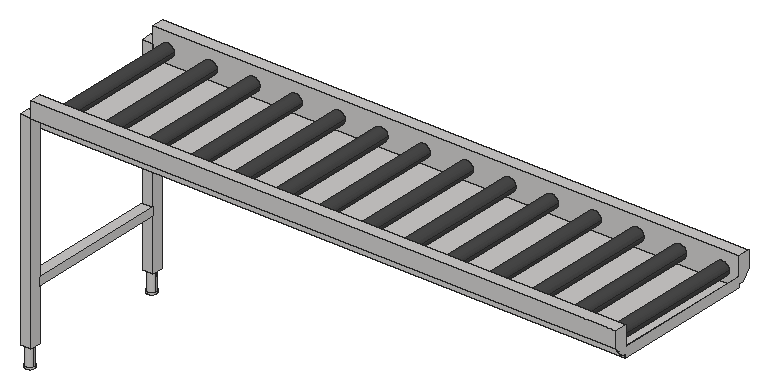
Revit family "QF_ELECTROLUXPROFESSIONAL_863034_HSLRC22", category Specialty Equipment, Revit 2018
Family settings
  Round Connector Dimension = Use Diameter
  Part Type = Normal
  Work Plane-Based = No
  Always vertical = Yes
  Cut with Voids When Loaded = No
  Shared = No
  Room Calculation Point = No
Parameters
  Weight = 0.00 kg
  Watts = 0 W
  Volts = 0 V
  URL Manufacturer = "http://professional.electrolux.com/"
  URL = "http://professional.electrolux.com/"
  Steam Supply Size = 0 mm
  Steam Supply Minimum Pressure = 0.0 Pa
  Steam Supply Maximum Pressure = 0.0 Pa
  Steam Pounds per Hour = 0
  Refrigeration Suction Line Size = 0 mm
  Refrigeration Liquid Line Size = 0 mm
  Refrigerant Compressor Remote = yes
  Manufacturer = "Electrolux"
  Phase = 0
  Model = "HSLRC22"
  Length Actual = 2200 mm  # constant formula
  Item Number = "863034"
  Hot Water Size = 0 mm
  Height Actual = 910 mm  # constant formula
  HP = "0 HP"
  Gas Size = 0 mm
  Gas KW = 0
  Gas Input Pressure = 0 W
  Description = "CONVEYOR, LONG ROLLERS, L=2200 MM"
  Depth Actual = 620 mm  # constant formula
  Cycle = 0 Hz
  Condensate Return Size = 0 mm
  Compressed Air Volume = 0.0 L/s
  Compressed Air Size = 0 mm
  Compressed Air Pressure = 0.0 Pa
  Cold Water Size = 0 mm
  Accessory = yes
Reference planes
  plane 1 "Centro (Fronte/Retro)": y = 74.737
  plane 2: z = 0
  plane 3 "LEFT": x = -1038.761
  plane 4 "BACK": y = 384.737
  plane 5 "FRONT": y = -235.263
  plane 6: z = 910
  plane 7 "RIGHT": x = 1161.239
  plane 8: x = 91.239
Forms (mm)
  Extrusion 1, solid, material "QF_Finishes_Stainless Steel"
    sketch origin (0, 74.737, 0) x (1, 0, 0) y (0, 0, 1)
      loop
        line (-1079.929, 300) -> (-1079.929, 270) -> (-1039.929, 270) -> (-1039.929, 300) -> (-1079.929, 300)
    from -266.504 to 266.46
  Extrusion 2, solid, material "QF_Finishes_Stainless Steel"
    sketch origin (11.239, 0, 0) x (0, 1, 0) y (0, 0, 1)
      loop
        line (-235.263, 910) -> (-235.263, 850.033) -> (-190.242, 850.033) -> (-190.242, 910) -> (-235.263, 910)
      loop
        line (384.737, 910) -> (339.716, 910) -> (339.716, 850.033) -> (384.737, 850.033) -> (384.737, 910)
    from -1050 to 1148.8
  Extrusion 3, solid, material "QF_Finishes_Stainless Steel"
    sketch origin (11.239, 0, 0) x (0, 1, 0) y (0, 0, 1)
      loop
        line (-191.727, 850.033) -> (-191.727, 800.081) -> (341.245, 800.081) -> (341.245, 850.033) -> (339.716, 850.033) -> (339.716, 803.081) -> (-190.242, 803.081) -> (-190.242, 850.033) -> (-191.727, 850.033)
    from -1050 to 1148.8
  Extrusion 4, solid, material "QF_Finishes_Black"
    sketch origin (0, 74.737, 0) x (1, 0, 0) y (0, 0, -1)
      loop
        circle (-980.637, -850.115) r 25
      loop
        circle (-820.349, -850.115) r 25
      loop
        circle (-660.06, -850.115) r 25
      loop
        circle (1103.115, -850.115) r 25
      loop
        circle (461.961, -850.115) r 25
      loop
        circle (622.249, -850.115) r 25
      loop
        circle (782.538, -850.115) r 25
      loop
        circle (942.827, -850.115) r 25
      loop
        circle (-499.771, -850.115) r 25
      loop
        circle (301.672, -850.115) r 25
      loop
        circle (141.383, -850.115) r 25
      loop
        circle (-18.905, -850.115) r 25
      loop
        circle (-339.483, -850.115) r 25
      loop
        circle (-179.194, -850.115) r 25
    from -260.534 to 260.534
  Extrusion 5, solid, material "QF_Finishes_Stainless Steel"
    sketch origin (2661.239, 723.253, 4000) x (0, 1, 0) y (0, 0, 1)
      loop
        line (-958.516, -3090) -> (-958.516, -3149.967) -> (-934.752, -3185.632) -> (-915.4, -3185.632) -> (-915.4, -3199.919) -> (-381.633, -3199.919) -> (-381.633, -3185.632) -> (-362.281, -3185.632) -> (-338.516, -3149.967) -> (-338.516, -3090) -> (-383.538, -3090) -> (-383.538, -3161.926) -> (-913.495, -3161.926) -> (-913.495, -3090) -> (-958.516, -3090)
    from -1500 to -1501.2
  Revolve 6, solid, material "QF_Finishes_Stainless Steel"
    sketch origin (61.185, 0, 0) x (0, 1, 0) y (0, 0, 1)
      loop
        line (74.737, 800.081) -> (12.53, 800.081) -> (12.319, 797.4) -> (12.319, 785.476) -> (17.293, 785.476) -> (17.293, 781.772)
        arc (17.293, 781.772) -> (20.266, 773.808) -> (27.77, 769.813) r 11.998
        line (27.77, 769.813) -> (74.737, 764.085) -> (74.737, 800.081)
      axis (74.737, 764.085) -> (74.737, 800.081)
    angle from 0 to 360
  Revolve 7, solid, material "QF_Finishes_Stainless Steel"
    sketch origin (91.185, -1524, 744.096) x (0, 0, 1) y (0, -1, 0)
      loop
        line (13.017, -1619.713) -> (30, -1619.713) -> (30, -1598.737) -> (0, -1598.737) -> (0, -1619.713) -> (2.434, -1622.253) -> (10.477, -1622.253) -> (13.017, -1619.713)
      axis (0, -1598.737) -> (30, -1598.737)
    angle from 0 to 360
Cuts and joins
  joined: Extrusion 2, Extrusion 3
Lines and regions (mm)
  Split face 1
    outline origin (1108.239, 339.716, 803.081) x (-1, 0, 0) y (0, -1, 0)
      loop
        circle (1047, 264.904) r 3.016
  Split face 2
    outline origin (1108.239, 339.716, 803.081) x (-1, 0, 0) y (0, -1, 0)
      loop
        circle (1047, 264.904) r 52.991
  Split face 3
    outline origin (1108.239, 339.716, 803.081) x (-1, 0, 0) y (0, -1, 0)
      loop
        circle (1047, 264.904) r 36.015
  Split face 4
    outline origin (1108.239, 339.716, 803.081) x (-1, 0, 0) y (0, -1, 0)
      loop
        circle (1047, 264.904) r 26.027
  Split face 5
    outline origin (1108.239, 339.716, 803.081) x (-1, 0, 0) y (0, -1, 0)
      loop
        circle (1047, 264.904) r 9.056
  Masking region 1
    outline origin (0, 0, 0) x (1, 0, 0) y (0, 1, 0)
      loop
        line (-1038.761, 384.737) -> (-1038.761, -235.263) -> (1161.239, -235.263) -> (1161.239, 384.737) -> (-1038.761, 384.737)
  symbolic lines
    curve 1: line (1161.239, 384.737, 0) -> (-1038.761, 384.737, 0)
    curve 2: line (-1038.761, 384.737, 0) -> (-1038.761, -235.263, 0)
    curve 3: line (-1038.761, 339.716, 0) -> (1161.239, 339.716, 0)
    curve 4: line (-1038.761, -235.263, 0) -> (1161.239, -235.263, 0)
    curve 5: line (1161.239, -235.263, 0) -> (1161.239, 384.737, 0)
    curve 6: line (1161.239, -190.242, 0) -> (-1038.761, -190.242, 0)
    curve 7: line (-955.637, 335.271, 0) -> (-1005.637, 335.271, 0)
    curve 8: line (-1005.637, 335.271, 0) -> (-1005.637, -185.797, 0)
    curve 9: line (-1005.637, -185.797, 0) -> (-955.637, -185.797, 0)
    curve 10: line (-955.637, -185.797, 0) -> (-955.637, 335.271, 0)
    curve 11: line (-795.349, 335.271, 0) -> (-845.349, 335.271, 0)
    curve 12: line (-845.349, 335.271, 0) -> (-845.349, -185.797, 0)
    curve 13: line (-845.349, -185.797, 0) -> (-795.349, -185.797, 0)
    curve 14: line (-795.349, -185.797, 0) -> (-795.349, 335.271, 0)
    curve 15: line (-635.06, 335.271, 0) -> (-685.06, 335.271, 0)
    curve 16: line (-685.06, 335.271, 0) -> (-685.06, -185.797, 0)
    curve 17: line (-685.06, -185.797, 0) -> (-635.06, -185.797, 0)
    curve 18: line (-635.06, -185.797, 0) -> (-635.06, 335.271, 0)
    curve 19: line (1128.115, 335.271, 0) -> (1078.115, 335.271, 0)
    curve 20: line (1078.115, 335.271, 0) -> (1078.115, -185.797, 0)
    curve 21: line (1078.115, -185.797, 0) -> (1128.115, -185.797, 0)
    curve 22: line (1128.115, -185.797, 0) -> (1128.115, 335.271, 0)
    curve 23: line (1161.239, 74.737, 0) -> (1131.239, 74.737, 0)
    curve 24: line (-1038.761, 74.737, 0) -> (-1008.761, 74.737, 0)
    curve 25: arc (60.596, 137.156, 0) -> (123.014, 74.737, 0) -> (60.596, 12.319, 0) r 62.418
    curve 26: arc (60.596, 12.319, 0) -> (-1.823, 74.737, 0) -> (60.596, 137.156, 0) r 62.418
    curve 27: arc (90.596, 95.713, 0) -> (69.62, 74.737, 0) -> (90.596, 53.761, 0) r 20.976
    curve 28: arc (90.596, 53.761, 0) -> (111.572, 74.737, 0) -> (90.596, 95.713, 0) r 20.976
    curve 29: line (-474.771, 335.271, 0) -> (-524.771, 335.271, 0)
    curve 30: line (-524.771, 335.271, 0) -> (-524.771, -185.797, 0)
    curve 31: line (-524.771, -185.797, 0) -> (-474.771, -185.797, 0)
    curve 32: line (-474.771, -185.797, 0) -> (-474.771, 335.271, 0)
    curve 33: line (-314.483, 335.271, 0) -> (-364.483, 335.271, 0)
    curve 34: line (-364.483, 335.271, 0) -> (-364.483, -185.797, 0)
    curve 35: line (-364.483, -185.797, 0) -> (-314.483, -185.797, 0)
    curve 36: line (-314.483, -185.797, 0) -> (-314.483, 335.271, 0)
    curve 37: line (-154.194, 335.271, 0) -> (-204.194, 335.271, 0)
    curve 38: line (-204.194, 335.271, 0) -> (-204.194, -185.797, 0)
    curve 39: line (-204.194, -185.797, 0) -> (-154.194, -185.797, 0)
    curve 40: line (-154.194, -185.797, 0) -> (-154.194, 335.271, 0)
    curve 41: line (6.095, 335.271, 0) -> (-43.905, 335.271, 0)
    curve 42: line (-43.905, 335.271, 0) -> (-43.905, -185.797, 0)
    curve 43: line (-43.905, -185.797, 0) -> (6.095, -185.797, 0)
    curve 44: line (6.095, -185.797, 0) -> (6.095, 335.271, 0)
    curve 45: line (166.383, 335.271, 0) -> (116.383, 335.271, 0)
    curve 46: line (116.383, 335.271, 0) -> (116.383, -185.797, 0)
    curve 47: line (116.383, -185.797, 0) -> (166.383, -185.797, 0)
    curve 48: line (166.383, -185.797, 0) -> (166.383, 335.271, 0)
    curve 49: line (326.672, 335.271, 0) -> (276.672, 335.271, 0)
    curve 50: line (276.672, 335.271, 0) -> (276.672, -185.797, 0)
    curve 51: line (276.672, -185.797, 0) -> (326.672, -185.797, 0)
    curve 52: line (326.672, -185.797, 0) -> (326.672, 335.271, 0)
    curve 53: line (486.961, 335.271, 0) -> (436.961, 335.271, 0)
    curve 54: line (436.961, 335.271, 0) -> (436.961, -185.797, 0)
    curve 55: line (436.961, -185.797, 0) -> (486.961, -185.797, 0)
    curve 56: line (486.961, -185.797, 0) -> (486.961, 335.271, 0)
    curve 57: line (647.249, 335.271, 0) -> (597.249, 335.271, 0)
    curve 58: line (597.249, 335.271, 0) -> (597.249, -185.797, 0)
    curve 59: line (597.249, -185.797, 0) -> (647.249, -185.797, 0)
    curve 60: line (647.249, -185.797, 0) -> (647.249, 335.271, 0)
    curve 61: line (807.538, 335.271, 0) -> (757.538, 335.271, 0)
    curve 62: line (757.538, 335.271, 0) -> (757.538, -185.797, 0)
    curve 63: line (757.538, -185.797, 0) -> (807.538, -185.797, 0)
    curve 64: line (807.538, -185.797, 0) -> (807.538, 335.271, 0)
    curve 65: line (967.827, 335.271, 0) -> (917.827, 335.271, 0)
    curve 66: line (917.827, 335.271, 0) -> (917.827, -185.797, 0)
    curve 67: line (917.827, -185.797, 0) -> (967.827, -185.797, 0)
    curve 68: line (967.827, -185.797, 0) -> (967.827, 335.271, 0)
Dimensions and locks
  plane 3 "LEFT" to plane 7 "RIGHT" = 2200 mm
  equal spacing: plane 4 "BACK", plane 1 "Centro (Fronte/Retro)", plane 5 "FRONT"
  plane 4 "BACK" to plane 5 "FRONT" = 620 mm
  locked: Extrusion 4 sketch curve to plane 3 "LEFT" at 58.124
  locked: plane 7 "RIGHT" to Extrusion 4 sketch curve at 58.124
  equal spacing: Extrusion 4 sketch curve, Extrusion 4 sketch curve, Extrusion 4 sketch curve, Extrusion 4 sketch curve, Extrusion 4 sketch curve, Extrusion 4 sketch curve, Extrusion 4 sketch curve, Extrusion 4 sketch curve, Extrusion 4 sketch curve, Extrusion 4 sketch curve, Extrusion 4 sketch curve, Extrusion 4 sketch curve, Extrusion 4 sketch curve, Extrusion 4 sketch curve
  aligned and locked: level to plane 2
Automatic sketch dimensions
  Extrusion 1 sketch curve to plane 3 "LEFT" = 41.168 mm
  Extrusion 1 sketch curve to plane 3 "LEFT" = 1.168 mm
  level to Extrusion 1 sketch curve = 270 mm
  Extrusion 1 sketch curve to Extrusion 1 sketch curve = 30 mm
  Extrusion 2 sketch curve to plane 5 "FRONT" = 0 mm
  Extrusion 2 sketch curve to plane 6 = 0 mm  (x2)
  Extrusion 2 sketch curve to plane 4 "BACK" = 0 mm
  plane 5 "FRONT" to Extrusion 2 sketch curve = 45.021 mm
  Extrusion 2 sketch curve to plane 4 "BACK" = 45.021 mm
  Extrusion 2 sketch curve to Extrusion 2 sketch curve = 59.967 mm  (x2)
  plane 5 "FRONT" to Extrusion 3 sketch curve = 43.536 mm
  Extrusion 3 sketch curve to Extrusion 3 sketch curve = 1.486 mm
  Extrusion 3 sketch curve to plane 4 "BACK" = 45.021 mm
  Extrusion 3 sketch curve to Extrusion 3 sketch curve = 1.529 mm
  Extrusion 3 sketch curve to plane 6 = 109.919 mm
  Extrusion 3 sketch curve to Extrusion 3 sketch curve = 3 mm
  Extrusion 3 sketch curve to Extrusion 3 sketch curve = 46.952 mm  (x2)
  Split face 1 sketch curve to cut or joined group of Extrusion 2, Extrusion 3 = 1098.8 mm
  cut or joined group of Extrusion 2, Extrusion 3 to Split face 1 sketch curve = 264.904 mm
  Split face 2 sketch curve to cut or joined group of Extrusion 2, Extrusion 3 = 1098.8 mm
  cut or joined group of Extrusion 2, Extrusion 3 to Split face 2 sketch curve = 264.904 mm
  Split face 3 sketch curve to cut or joined group of Extrusion 2, Extrusion 3 = 1098.8 mm
  cut or joined group of Extrusion 2, Extrusion 3 to Split face 3 sketch curve = 264.904 mm
  Split face 4 sketch curve to cut or joined group of Extrusion 2, Extrusion 3 = 1098.8 mm
  cut or joined group of Extrusion 2, Extrusion 3 to Split face 4 sketch curve = 264.904 mm
  Split face 5 sketch curve to cut or joined group of Extrusion 2, Extrusion 3 = 1098.8 mm
  cut or joined group of Extrusion 2, Extrusion 3 to Split face 5 sketch curve = 264.904 mm
  Masking region 1 sketch curve to plane 3 "LEFT" = 0 mm
  Masking region 1 sketch curve to plane 5 "FRONT" = 0 mm
  Masking region 1 sketch curve to plane 7 "RIGHT" = 0 mm
  Masking region 1 sketch curve to plane 4 "BACK" = 0 mm
  Extrusion 5 sketch curve to plane 5 "FRONT" = 0 mm
  Extrusion 5 sketch curve to plane 6 = 0 mm  (x2)
  Extrusion 5 sketch curve to plane 4 "BACK" = 0 mm
  plane 5 "FRONT" to Extrusion 5 sketch curve = 23.764 mm
  Extrusion 5 sketch curve to Extrusion 5 sketch curve = 19.352 mm  (x2)
  plane 5 "FRONT" to Extrusion 5 sketch curve = 45.021 mm
  Extrusion 5 sketch curve to plane 4 "BACK" = 45.021 mm
  Extrusion 5 sketch curve to Extrusion 5 sketch curve = 1.905 mm
  Extrusion 5 sketch curve to Extrusion 5 sketch curve = 59.967 mm  (x2)
  Extrusion 5 sketch curve to Extrusion 5 sketch curve = 11.959 mm
  Extrusion 5 sketch curve to Extrusion 5 sketch curve = 23.706 mm  (x2)
  Extrusion 5 sketch curve to Extrusion 5 sketch curve = 14.287 mm
  Revolve 6 sketch curve to plane 1 "Centro (Fronte/Retro)" = 0 mm  (x2)
  plane 1 "Centro (Fronte/Retro)" to Revolve 6 sketch curve = 45.447 mm
  Revolve 6 sketch curve to Revolve 6 sketch curve = 1.52 mm
  Revolve 6 sketch curve to Revolve 6 sketch curve = 11.998 mm
  Revolve 6 sketch curve to Revolve 6 sketch curve = 4.762 mm
  Revolve 6 sketch curve to Revolve 6 sketch curve = 4.974 mm
  Revolve 6 sketch curve to plane 6 = 145.915 mm
  Revolve 6 sketch curve to Revolve 6 sketch curve = 5.727 mm
  Revolve 6 sketch curve to Revolve 6 sketch curve = 11.901 mm
  Revolve 6 sketch curve to Revolve 6 sketch curve = 3.704 mm
  Revolve 6 sketch curve to Revolve 6 sketch curve = 11.924 mm
  Revolve 6 sketch curve to Revolve 6 sketch curve = 2.681 mm
  Revolve 6 sketch curve to Revolve 6 sketch curve = 3 mm
  Revolve 6 sketch curve to Revolve 6 sketch curve = 14.991 mm
  Revolve 7 sketch curve to plane 1 "Centro (Fronte/Retro)" = 0 mm  (x2)
  Revolve 7 sketch curve to plane 1 "Centro (Fronte/Retro)" = 20.976 mm
  Revolve 7 sketch curve to plane 6 = 165.904 mm
  Revolve 7 sketch curve to plane 1 "Centro (Fronte/Retro)" = 23.516 mm
  Revolve 7 sketch curve to Revolve 7 sketch curve = 2.434 mm
  Revolve 7 sketch curve to Revolve 7 sketch curve = 8.043 mm
  Revolve 7 sketch curve to Revolve 7 sketch curve = 2.54 mm  (x2)
  Revolve 7 sketch curve to Revolve 7 sketch curve = 16.983 mm
  Revolve 7 sketch curve to Revolve 7 sketch curve = 3.127 mm
  Revolve 7 sketch curve to Revolve 7 sketch curve = 7.343 mm
  Extrusion 4 sketch curve to plane 6 = 59.885 mm  (x14)
  curve 25 to curve 26 = 0 mm  (x2)
  curve 27 to curve 28 = 0 mm  (x2)
  plane 1 "Centro (Fronte/Retro)" to curve 24 = 0 mm
  curve 24 to plane 3 "LEFT" = 0 mm
  plane 1 "Centro (Fronte/Retro)" to curve 25 = 0 mm
  plane 1 "Centro (Fronte/Retro)" to curve 27 = 0 mm
  plane 1 "Centro (Fronte/Retro)" to curve 23 = 0 mm
  curve 6 to plane 7 "RIGHT" = 0 mm
  curve 4 to plane 5 "FRONT" = 0 mm
  curve 2 to plane 4 "BACK" = 0 mm
  plane 3 "LEFT" to curve 9 = 33.124 mm
  curve 7 to curve 10 = 50 mm
  plane 5 "FRONT" to curve 12 = 49.466 mm
  curve 9 to curve 12 = 110.289 mm
  curve 11 to curve 14 = 50 mm
  curve 15 to plane 4 "BACK" = 49.466 mm
  curve 11 to curve 15 = 110.289 mm
  curve 15 to curve 18 = 50 mm
  curve 30 to plane 4 "BACK" = 49.466 mm
  curve 15 to curve 30 = 110.289 mm
  curve 29 to curve 32 = 50 mm
  plane 5 "FRONT" to curve 34 = 49.466 mm
  curve 31 to curve 34 = 110.289 mm
  curve 34 to curve 35 = 50 mm
  curve 38 to plane 4 "BACK" = 49.466 mm
  curve 33 to curve 38 = 110.289 mm
  curve 37 to curve 40 = 50 mm
  curve 42 to plane 4 "BACK" = 49.466 mm
  curve 37 to curve 42 = 110.289 mm
  curve 42 to curve 44 = 50 mm
  curve 25 to plane 8 = 30.643 mm
  curve 27 to plane 8 = 0.643 mm
  plane 8 to curve 47 = 25.144 mm
  curve 45 to curve 45 = 50 mm
  curve 50 to plane 4 "BACK" = 49.466 mm
  curve 45 to curve 50 = 110.289 mm
  curve 50 to curve 52 = 50 mm
  curve 54 to plane 4 "BACK" = 49.466 mm
  curve 49 to curve 54 = 110.289 mm
  curve 54 to curve 55 = 50 mm
  curve 58 to plane 4 "BACK" = 49.466 mm
  curve 53 to curve 58 = 110.289 mm
  curve 57 to curve 60 = 50 mm
  plane 5 "FRONT" to curve 63 = 49.466 mm
  curve 59 to curve 63 = 110.289 mm
  curve 61 to curve 61 = 50 mm
  curve 65 to plane 4 "BACK" = 49.466 mm
  curve 61 to curve 65 = 110.289 mm
  curve 65 to curve 68 = 50 mm
  curve 20 to plane 7 "RIGHT" = 83.124 mm
  curve 21 to plane 7 "RIGHT" = 33.124 mm
  plane 5 "FRONT" to curve 67 = 49.466 mm
  plane 5 "FRONT" to curve 31 = 49.466 mm
  plane 5 "FRONT" to curve 60 = 49.466 mm
  plane 5 "FRONT" to curve 8 = 49.466 mm
  plane 5 "FRONT" to curve 56 = 49.466 mm
  plane 5 "FRONT" to curve 52 = 49.466 mm
  plane 5 "FRONT" to curve 16 = 49.466 mm
  plane 5 "FRONT" to curve 48 = 49.466 mm
  plane 5 "FRONT" to curve 20 = 49.466 mm
  plane 5 "FRONT" to curve 44 = 49.466 mm
  plane 5 "FRONT" to curve 40 = 49.466 mm
  curve 33 to plane 4 "BACK" = 49.466 mm
  curve 45 to plane 4 "BACK" = 49.466 mm
  curve 22 to plane 4 "BACK" = 49.466 mm
  curve 14 to plane 4 "BACK" = 49.466 mm
  curve 10 to plane 4 "BACK" = 49.466 mm
  curve 61 to plane 4 "BACK" = 49.466 mm
  plane 3 "LEFT" to curve 24 = 30 mm
  curve 23 to curve 23 = 30 mm
  curve 6 to curve 21 = 4.445 mm
  curve 26 to curve 25 = 62.418 mm
  curve 27 to curve 27 = 20.976 mm
  curve 19 to curve 3 = 4.445 mm
  radius of Split face 1 sketch curve = 3.016 mm
  radius of Split face 2 sketch curve = 52.991 mm
  radius of Split face 3 sketch curve = 36.015 mm
  radius of Split face 4 sketch curve = 26.027 mm
  radius of Split face 5 sketch curve = 9.056 mm
  radius of Extrusion 4 sketch curve = 25 mm  (x14)
Nested families
  nested 1: "Foot_40x40" at (-1059.929, 361.245, 0), type "Foot_40x40"
    with A 850.033 mm
  nested 2: "Foot_40x40" at (-1059.929, -211.771, 0), type "Foot_40x40"
    with A 850.033 mm
  nested 3: "Foot_40x40" at (-1059.929, 361.288, 0), type "Foot_40x40"
    with A 850.033 mm
Connectors
  piping at (91.185, 74.737, 744.096), diameter 30
    settings: on Revolve 7, index 4, connector inside diameter 609.6 mm, connector length 0 mm, flow factor 0, pipe flow 0.0 L/s, pressure drop 0.0 Pa, fitting loss kfactor 0, connector angle 0.00°, fixture units 0, engagement length 0 mm, angle of deflection 0.00°, flow configuration 1, flow direction 2, fitting loss method 0, system type 16, joint type 0, gender type 0, connector reference index -1, connector utility 0, adjustable connector no, is connector primary yes, connector description "Drain"
Definition of nested family "Foot_40x40"
  Parameters
    A [instance] = 850 mm
  Reference planes
    plane 1 "Centro (Fronte/Retro)": y = 0
    plane 2: z = 0
    plane 3 "Centro (Sinistra/Destra)": x = 0
    plane 4: z = 850
  Forms (mm)
    Extrusion 1, solid
      sketch origin (0, 0, 0) x (1, 0, 0) y (0, 1, 0)
        loop
          circle (0, 0) r 18
      from 0 to 5
    Extrusion 2, solid
      sketch origin (0, 0, 5) x (1, 0, 0) y (0, 1, 0)
        loop
          circle (0, 0) r 15
      from 0 to 70
    Extrusion 3, solid
      sketch origin (0, 0, 75) x (1, 0, 0) y (0, 1, 0)
        loop
          line (-20, 20) -> (-20, -20) -> (20, -20) -> (20, 20) -> (-20, 20)
      from 0 to 775
  Dimensions and locks
    "A": plane 4 to plane 2
    aligned and locked: level to plane 2
    aligned and locked: plane 4 to Extrusion 3
    aligned and locked: Extrusion 1 to level
  Automatic sketch dimensions
    plane 1 "Centro (Fronte/Retro)" to Extrusion 1 sketch curve = 0 mm
    Extrusion 1 sketch curve to plane 3 "Centro (Sinistra/Destra)" = 0 mm
    Extrusion 3 sketch curve to Extrusion 3 sketch curve = 40 mm  (x2)
    radius of Extrusion 1 sketch curve = 18 mm
    radius of Extrusion 2 sketch curve to Extrusion 1 = 3 mm
